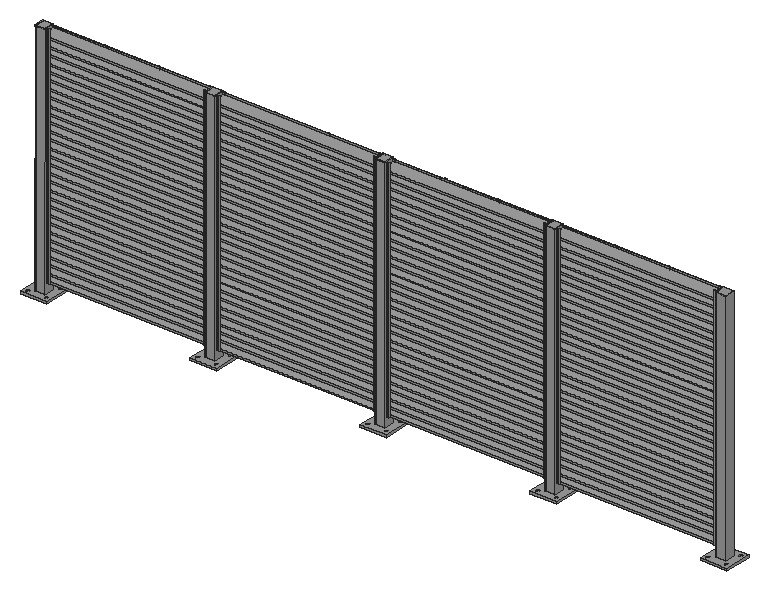
Revit family "Palmshield-Asia-Louver-Array", category Specialty Equipment, Revit 2025 (continued)
Definition of nested family "Nested-Top_Cap-Palmshield-Asia"
  Forms (in)
    Extrusion 1, solid
      sketch origin (0, 0, 0) x (1, 0, 0) y (0, 1, 0)
        loop
          line (-48, 48) -> (-48, -48) -> (48, -48) -> (48, 48) -> (-48, 48)
      from 0 to -12
    Extrusion 2, solid, material <- "Material"
      sketch origin (0, 0, 0) x (1, 0, 0) y (0, 1, 0)
        loop
          line (-1.5, 1.5) -> (-1.5, -1.5) -> (1.5, -1.5) -> (1.5, 1.5) -> (-1.5, 1.5)
      from 0 to 0.125
  Dimensions and locks (in)
    equal spacing: plane 7, plane 3 "Center (Left/Right)", plane 5
    equal spacing: plane 4, plane 1 "Center (Front/Back)", plane 6
    "Width": plane 7 to plane 5
    "Width": plane 4 to plane 6
    "Thickness": plane 8 to plane 2
    aligned and locked: plane 2 to Extrusion 1
    aligned and locked: level to Extrusion 1
    aligned and locked: Extrusion 2 sketch curve to plane 4
    aligned and locked: plane 7 to Extrusion 2 sketch curve
    aligned and locked: Extrusion 2 sketch curve to plane 6
    aligned and locked: Extrusion 2 sketch curve to plane 5
    aligned and locked: plane 8 to Extrusion 2
  Automatic sketch dimensions
    Extrusion 1 sketch curve to Extrusion 1 sketch curve = 8' - 0"  (x2)
Definition of nested family "Nested-U_Channel-Palmshield-Asia"
  Parameters (values of type "2-1/4"X7/8"X1/8" AL CHANNEL")
    Width = 0' - 2 1/4"  # constant formula
    Warranty URL = "https://palmshieldlouvers.com/wp-content/uploads/2020/01/PalmSHIELD-Warranty-NO-SIGN-LINE.pdf"
    Version = "2020 - v1.0a"  # constant formula
    URL = "https://palmshieldlouvers.com/"
    Thickness = 0' - 0 1/8"  # constant formula
    Product Page URL = "https://palmshieldlouvers.com/products/louvers/"
    Product Documentation Link = "https://palmshieldlouvers.com/wp-content/uploads/2022/01/Asia-Commercial-Horizontal-Technical-Data-Sheet.pdf"
    Model = "Asia"  # constant formula
    Material [instance] = none
    Manufacturer Phone Number = "531-329-4406 "  # constant formula
    Manufacturer Fax Number = "Consult Manufacturer Website for More Information"  # constant formula
    Manufacturer Email = "mailto: info@palmshieldlouvers.com"
    Manufacturer Address = "12330 Cary Circle, La Vista, NE 68128"  # constant formula
    Manufacturer = "PalmSHIELD"  # constant formula
    Length [instance] = 4' - 4.86713"
    Keynote = "05 10 00"
    Instruction Sheet Link = "https://palmshieldlouvers.com/wp-content/uploads/2021/09/PalmSHIELD-Mercury-Series-Post-Panel-Gate-Installation-Instructions-2.docx"
    ID [instance] = ""
    Height = 0' - 0 7/8"  # constant formula
    Description = "Asia - U Channel"  # constant formula
    Default Elevation = 4' - 0"
    Copyright = "Copyright ©2024 The American Fence Company and PalmSHIELD. All Rights Reserved."  # constant formula
    Component Name [instance] = "Asia - Aluminum - U Channel"  # constant formula
    C Hole Offset = 0' - 1 1/2"  # constant formula
    Assembly Code = "F1020100"
  Reference planes (in)
    plane 1 "Center (Front/Back)": y = 0
    plane 2: z = 0
    plane 3 "Center (Left/Right)": x = 0
    plane 4: x = 2.25
    plane 5: y = -52.86713
    plane 6: z = 0.875
  Forms (in)
    Extrusion 1, solid
      sketch origin (0, 0, 0) x (1, 0, 0) y (0, 1, 0)
        loop
          line (-48, 48) -> (-48, -48) -> (48, -48) -> (48, 48) -> (-48, 48)
      from 0 to -12
    Sweep 2, solid, material <- "Material"
      path origin (0, 0, 0) x (0, 1, 0) y (0, 0, 1)
        loop
          line (0, 0) -> (-52.86713, 0)
      profile "Profile-Palmshield-U : 2-1/4"X7/8"X1/8"" origin (0, -26.43357, 0) x (0, 0, -1) y (1, 0, 0)
        loop
          line (0, 0) -> (0, 2.25) -> (-0.875, 2.25) -> (-0.875, 2.125) -> (-0.125, 2.125) -> (-0.125, 0.125) -> (-0.875, 0.125) -> (-0.875, 0) -> (0, 0)
  Dimensions and locks (in)
    "Width": plane 3 "Center (Left/Right)" to plane 4
    "Length": plane 1 "Center (Front/Back)" to plane 5
    "Height": plane 6 to plane 2
    aligned and locked: plane 2 to Extrusion 1
    aligned and locked: level to Extrusion 1
    aligned and locked: plane 1 "Center (Front/Back)" to Sweep 2 sketch curve
    aligned and locked: plane 5 to Sweep 2 sketch curve
  Automatic sketch dimensions
    Extrusion 1 sketch curve to Extrusion 1 sketch curve = 8' - 0"  (x2)
    Sweep 2 sketch curve to level = 0' - 0"
Definition of nested family "Nested-Louvers-Palmshield-Asia"
  Parameters (values of type "EXTRUDED ALUMINUM LOUVERS TYP.")
    Width = 0' - 2 7/8"  # constant formula
    Warranty URL = "https://palmshieldlouvers.com/wp-content/uploads/2020/01/PalmSHIELD-Warranty-NO-SIGN-LINE.pdf"
    Version = "2020 - v1.0a"  # constant formula
    URL = "https://palmshieldlouvers.com/"
    Thickness = 0' - 0 1/8"  # constant formula
    Product Page URL = "https://palmshieldlouvers.com/products/louvers/"
    Product Documentation Link = "https://palmshieldlouvers.com/wp-content/uploads/2022/01/Asia-Commercial-Horizontal-Technical-Data-Sheet.pdf"
    Model = "Asia"  # constant formula
    Material [instance] = none
    Manufacturer Phone Number = "531-329-4406 "  # constant formula
    Manufacturer Fax Number = "Consult Manufacturer Website for More Information"  # constant formula
    Manufacturer Email = "mailto: info@palmshieldlouvers.com"
    Manufacturer Address = "12330 Cary Circle, La Vista, NE 68128"  # constant formula
    Manufacturer = "PalmSHIELD"  # constant formula
    Length [instance] = 4' - 4.86713"
    Keynote = "05 10 00"
    Instruction Sheet Link = "https://palmshieldlouvers.com/wp-content/uploads/2021/09/PalmSHIELD-Mercury-Series-Post-Panel-Gate-Installation-Instructions-2.docx"
    ID [instance] = ""
    Description = "Asia - Louvers"  # constant formula
    Default Elevation = 4' - 0"
    Copyright = "Copyright ©2024 The American Fence Company and PalmSHIELD. All Rights Reserved."  # constant formula
    Component Name [instance] = "Asia - Aluminum - Louvers"  # constant formula
    C Hole Offset = 0' - 1 1/2"  # constant formula
    Assembly Code = "F1020100"
  Reference planes (in)
    plane 1 "Center (Front/Back)": y = 0
    plane 2: z = 0
    plane 3 "Center (Left/Right)": x = 0
    plane 4: z = 52.86713
    plane 5: y = 2.875
  Forms (in)
    Extrusion 1, solid
      sketch origin (0, 0, 0) x (1, 0, 0) y (0, 1, 0)
        loop
          line (-48, 48) -> (-48, -48) -> (48, -48) -> (48, 48) -> (-48, 48)
      from 0 to -12
    Sweep 2, solid, material <- "Material"
      path origin (0, 0, 0) x (0, 1, 0) y (0, 0, 1)
        loop
          line (0, 0) -> (0, 52.86713)
      profile "Profile-Palmshield-Louver : LOUVERS TYP. - 6063-T6" origin (0, 0, 26.43357) x (0, -1, 0) y (1, 0, 0)
        loop
          line (-2.39453, 1.875) -> (-0.51953, 0) -> (0, 0) -> (0, 0.125) -> (-0.46775, 0.125) -> (-2.34275, 2) -> (-2.873, 2) -> (-2.873, 1.875) -> (-2.39453, 1.875)
  Dimensions and locks (in)
    "Length": plane 4 to plane 2
    "Width": plane 5 to plane 1 "Center (Front/Back)"
    aligned and locked: plane 2 to Extrusion 1
    aligned and locked: level to Extrusion 1
    aligned and locked: plane 1 "Center (Front/Back)" to Sweep 2 sketch curve
    aligned and locked: plane 4 to Sweep 2 sketch curve
  Automatic sketch dimensions
    Extrusion 1 sketch curve to Extrusion 1 sketch curve = 8' - 0"  (x2)
    Sweep 2 sketch curve to level = 0' - 0"
Definition of nested family "Nested-Rib-Palmshield-Asia"
  Parameters (values of type "1/8"X3/4" AL FB RIBS")
    Width = 0' - 0 3/4"  # constant formula
    Warranty URL = "https://palmshieldlouvers.com/wp-content/uploads/2020/01/PalmSHIELD-Warranty-NO-SIGN-LINE.pdf"
    Version = "2020 - v1.0a"  # constant formula
    URL = "https://palmshieldlouvers.com/"
    Thickness = 0' - 0 1/8"  # constant formula
    Product Page URL = "https://palmshieldlouvers.com/products/louvers/"
    Product Documentation Link = "https://palmshieldlouvers.com/wp-content/uploads/2022/01/Asia-Commercial-Horizontal-Technical-Data-Sheet.pdf"
    Model = "Asia"  # constant formula
    Material [instance] = none
    Manufacturer Phone Number = "531-329-4406 "  # constant formula
    Manufacturer Fax Number = "Consult Manufacturer Website for More Information"  # constant formula
    Manufacturer Email = "mailto: info@palmshieldlouvers.com"
    Manufacturer Address = "12330 Cary Circle, La Vista, NE 68128"  # constant formula
    Manufacturer = "PalmSHIELD"  # constant formula
    Length [instance] = 4' - 4.86713"
    Keynote = "05 10 00"
    Instruction Sheet Link = "https://palmshieldlouvers.com/wp-content/uploads/2021/09/PalmSHIELD-Mercury-Series-Post-Panel-Gate-Installation-Instructions-2.docx"
    ID [instance] = ""
    Description = "Asia - Rib"  # constant formula
    Default Elevation = 4' - 0"
    Copyright = "Copyright ©2024 The American Fence Company and PalmSHIELD. All Rights Reserved."  # constant formula
    Component Name [instance] = "Asia - Aluminum - FB Ribs"  # constant formula
    Assembly Code = "F1020100"
  Reference planes (in)
    plane 1 "Center (Front/Back)": y = 0
    plane 2: z = 0
    plane 3 "Center (Left/Right)": x = 0
    plane 4: z = 52.86713
    plane 5: x = 0.375
    plane 6: x = -0.375
  Forms (in)
    Extrusion 1, solid
      sketch origin (0, 0, 0) x (1, 0, 0) y (0, 1, 0)
        loop
          line (-48, 48) -> (-48, -48) -> (48, -48) -> (48, 48) -> (-48, 48)
      from 0 to -12
    Sweep 2, solid, material <- "Material"
      path origin (0, 0, 0) x (0, 1, 0) y (0, 0, 1)
        loop
          line (0, 0) -> (0, 52.86713)
      profile "Profile-Palmshield-Rib : AL FB 1/8" X 3/4"" origin (0, 0, 26.43357) x (0, -1, 0) y (1, 0, 0)
        loop
          line (-0.125, -0.375) -> (0, -0.375) -> (0, 0.375) -> (-0.125, 0.375) -> (-0.125, -0.375)
  Dimensions and locks (in)
    "Length": plane 4 to plane 2
    equal spacing: plane 5, plane 3 "Center (Left/Right)", plane 6
    "Width": plane 5 to plane 6
    aligned and locked: plane 2 to Extrusion 1
    aligned and locked: level to Extrusion 1
    aligned and locked: plane 1 "Center (Front/Back)" to Sweep 2 sketch curve
    aligned and locked: plane 4 to Sweep 2 sketch curve
  Automatic sketch dimensions
    Extrusion 1 sketch curve to Extrusion 1 sketch curve = 8' - 0"  (x2)
    Sweep 2 sketch curve to level = 0' - 0"
Definition of nested family "Screening-Louver-Assembly-Post-Palmshield-Tiberius-Aluminum"
  Parameters (values of type "3" x 3" x 1/8"")
    Width = 0' - 3"  # constant formula
    Warranty URL = "https://palmshieldlouvers.com/wp-content/uploads/2020/01/PalmSHIELD-Warranty-NO-SIGN-LINE.pdf"
    Version = "2020 - v1.0a"  # constant formula
    URL = "https://palmshieldlouvers.com/"
    Thickness = 0' - 0 1/8"  # constant formula
    Product Page URL = "https://palmshieldlouvers.com/products/louvers/"
    Product Documentation Link = "https://palmshieldlouvers.com/wp-content/uploads/2022/01/Asia-Commercial-Horizontal-Technical-Data-Sheet.pdf"
    Model = "Asia"  # constant formula
    Material [instance] = none
    Manufacturer Phone Number = "531-329-4406 "  # constant formula
    Manufacturer Fax Number = "Consult Manufacturer Website for More Information"  # constant formula
    Manufacturer Email = "mailto: info@palmshieldlouvers.com"
    Manufacturer Address = "12330 Cary Circle, La Vista, NE 68128"  # constant formula
    Manufacturer = "PalmSHIELD"  # constant formula
    Keynote = "05 10 00"
    Instruction Sheet Link = "https://palmshieldlouvers.com/wp-content/uploads/2021/09/PalmSHIELD-Mercury-Series-Post-Panel-Gate-Installation-Instructions-2.docx"
    ID [instance] = ""
    Description = "Asia - Top Cap"  # constant formula
    Default Elevation = 4' - 0"
    Copyright = "Copyright ©2024 The American Fence Company and PalmSHIELD. All Rights Reserved."  # constant formula
    Component Name [instance] = "Asia - Aluminum - Square Top Cap"  # constant formula
    Assembly Code = "F1020100"
Definition of nested family "Screening-Louver-Assembly-Panel-Palmshield-Asia-Aluminum"
  Parameters (values of type "1/8"X3/4" AL FB RIBS")
    Width = 0' - 0 3/4"  # constant formula
    Warranty URL = "https://palmshieldlouvers.com/wp-content/uploads/2020/01/PalmSHIELD-Warranty-NO-SIGN-LINE.pdf"
    Version = "2020 - v1.0a"  # constant formula
    URL = "https://palmshieldlouvers.com/"
    Thickness = 0' - 0 1/8"  # constant formula
    Product Page URL = "https://palmshieldlouvers.com/products/louvers/"
    Product Documentation Link = "https://palmshieldlouvers.com/wp-content/uploads/2022/01/Asia-Commercial-Horizontal-Technical-Data-Sheet.pdf"
    Model = "Asia"  # constant formula
    Material [instance] = none
    Manufacturer Phone Number = "531-329-4406 "  # constant formula
    Manufacturer Fax Number = "Consult Manufacturer Website for More Information"  # constant formula
    Manufacturer Email = "mailto: info@palmshieldlouvers.com"
    Manufacturer Address = "12330 Cary Circle, La Vista, NE 68128"  # constant formula
    Manufacturer = "PalmSHIELD"  # constant formula
    Length [instance] = 4' - 4.86713"
    Keynote = "05 10 00"
    Instruction Sheet Link = "https://palmshieldlouvers.com/wp-content/uploads/2021/09/PalmSHIELD-Mercury-Series-Post-Panel-Gate-Installation-Instructions-2.docx"
    ID [instance] = ""
    Description = "Asia - Rib"  # constant formula
    Default Elevation = 4' - 0"
    Copyright = "Copyright ©2024 The American Fence Company and PalmSHIELD. All Rights Reserved."  # constant formula
    Component Name [instance] = "Asia - Aluminum - FB Ribs"  # constant formula
    Assembly Code = "F1020100"
